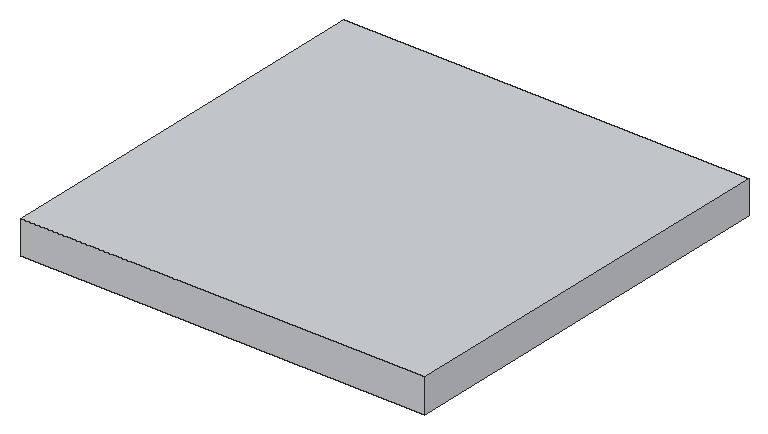
Revit family
Parameters (values of type "dBA Acoustical Ceiling Panal")
  URL = "www.acousticalsurfaces.com"
  Type Comments = "Sound Blocking, Sound Absorption and sound Difusion all in one unit"
  Model = "dBA Panel"
  Manufacturer = "Acoustical Surfaces 1800-854-2948"
  Description = "Acoustical Ceiling Panel "
Reference planes (in)
  plane 1 "Center (Front/Back)": y = 0
  plane 2 "Ceiling": z = 96
  plane 3 "Center (Left/Right)": x = 0
Forms (in)
  Extrusion 1, solid
    sketch origin (0, 0, 94) x (1, 0, 0) y (0, 1, 0)
      loop
        line (-12, 12) -> (-12, -12) -> (12, -12) -> (12, 12) -> (-12, 12)
    from 0 to 2
  Extrusion 2, void
    sketch origin (0, 0, 92.51681) x (1, 0, 0) y (0, 1, 0)
      loop
        line (-6.5, 2.5) -> (6.5, 2.5)
        arc (6.5, 2.5) -> (7, 3) -> (6.5, 3.5) r 0.5
        line (6.5, 3.5) -> (-6.5, 3.5)
        arc (-6.5, 3.5) -> (-7, 3) -> (-6.5, 2.5) r 0.5
      loop
        arc (8.5, 0.5) -> (9, 1) -> (8.5, 1.5) r 0.5
        line (8.5, 1.5) -> (-8.5, 1.5)
        arc (-8.5, 1.5) -> (-9, 1) -> (-8.5, 0.5) r 0.5
        line (-8.5, 0.5) -> (8.5, 0.5)
      loop
        line (-4.5, 4.5) -> (4.5, 4.5)
        arc (4.5, 4.5) -> (5, 5) -> (4.5, 5.5) r 0.5
        line (4.5, 5.5) -> (-4.5, 5.5)
        arc (-4.5, 5.5) -> (-5, 5) -> (-4.5, 4.5) r 0.5
      loop
        line (-2.5, 6.5) -> (2.5, 6.5)
        arc (2.5, 6.5) -> (3, 7) -> (2.5, 7.5) r 0.5
        line (2.5, 7.5) -> (-2.5, 7.5)
        arc (-2.5, 7.5) -> (-3, 7) -> (-2.5, 6.5) r 0.5
      loop
        arc (-1.3934, 9.89949) -> (-1.3934, 10.6066) -> (-2.10051, 10.6066) r 0.5
        line (-2.10051, 10.6066) -> (-10.76256, 1.94454)
        arc (-10.76256, 1.94454) -> (-10.76256, 1.23744) -> (-10.05546, 1.23744) r 0.5
        line (-10.05546, 1.23744) -> (-1.3934, 9.89949)
      loop
        arc (-4.22183, 9.89949) -> (-4.22183, 10.6066) -> (-4.92893, 10.6066) r 0.5
        line (-4.92893, 10.6066) -> (-10.76256, 4.77297)
        arc (-10.76256, 4.77297) -> (-10.76256, 4.06586) -> (-10.05546, 4.06586) r 0.5
        line (-10.05546, 4.06586) -> (-4.22183, 9.89949)
      loop
        arc (-7.05025, 9.89949) -> (-7.05025, 10.6066) -> (-7.75736, 10.6066) r 0.5
        line (-7.75736, 10.6066) -> (-10.76256, 7.6014)
        arc (-10.76256, 7.6014) -> (-10.76256, 6.89429) -> (-10.05546, 6.89429) r 0.5
        line (-10.05546, 6.89429) -> (-7.05025, 9.89949)
      loop
        arc (-9.87868, 9.89949) -> (-9.87868, 10.6066) -> (-10.58579, 10.6066) r 0.5
        line (-10.58579, 10.6066) -> (-10.76256, 10.42983)
        arc (-10.76256, 10.42983) -> (-10.76256, 9.72272) -> (-10.05546, 9.72272) r 0.5
        line (-10.05546, 9.72272) -> (-9.87868, 9.89949)
      loop
        arc (-6.5, -2.5) -> (-7, -3) -> (-6.5, -3.5) r 0.5
        line (-6.5, -3.5) -> (6.5, -3.5)
        arc (6.5, -3.5) -> (7, -3) -> (6.5, -2.5) r 0.5
        line (6.5, -2.5) -> (-6.5, -2.5)
      loop
        line (8.5, -0.5) -> (-8.5, -0.5)
        arc (-8.5, -0.5) -> (-9, -1) -> (-8.5, -1.5) r 0.5
        line (-8.5, -1.5) -> (8.5, -1.5)
        arc (8.5, -1.5) -> (9, -1) -> (8.5, -0.5) r 0.5
      loop
        arc (-4.5, -4.5) -> (-5, -5) -> (-4.5, -5.5) r 0.5
        line (-4.5, -5.5) -> (4.5, -5.5)
        arc (4.5, -5.5) -> (5, -5) -> (4.5, -4.5) r 0.5
        line (4.5, -4.5) -> (-4.5, -4.5)
      loop
        arc (-2.5, -6.5) -> (-3, -7) -> (-2.5, -7.5) r 0.5
        line (-2.5, -7.5) -> (2.5, -7.5)
        arc (2.5, -7.5) -> (3, -7) -> (2.5, -6.5) r 0.5
        line (2.5, -6.5) -> (-2.5, -6.5)
      loop
        line (-1.3934, -9.89949) -> (-10.05546, -1.23744)
        arc (-10.05546, -1.23744) -> (-10.76256, -1.23744) -> (-10.76256, -1.94454) r 0.5
        line (-10.76256, -1.94454) -> (-2.10051, -10.6066)
        arc (-2.10051, -10.6066) -> (-1.3934, -10.6066) -> (-1.3934, -9.89949) r 0.5
      loop
        line (-4.22183, -9.89949) -> (-10.05546, -4.06586)
        arc (-10.05546, -4.06586) -> (-10.76256, -4.06586) -> (-10.76256, -4.77297) r 0.5
        line (-10.76256, -4.77297) -> (-4.92893, -10.6066)
        arc (-4.92893, -10.6066) -> (-4.22183, -10.6066) -> (-4.22183, -9.89949) r 0.5
      loop
        line (-7.05025, -9.89949) -> (-10.05546, -6.89429)
        arc (-10.05546, -6.89429) -> (-10.76256, -6.89429) -> (-10.76256, -7.6014) r 0.5
        line (-10.76256, -7.6014) -> (-7.75736, -10.6066)
        arc (-7.75736, -10.6066) -> (-7.05025, -10.6066) -> (-7.05025, -9.89949) r 0.5
      loop
        line (-9.87868, -9.89949) -> (-10.05546, -9.72272)
        arc (-10.05546, -9.72272) -> (-10.76256, -9.72272) -> (-10.76256, -10.42983) r 0.5
        line (-10.76256, -10.42983) -> (-10.58579, -10.6066)
        arc (-10.58579, -10.6066) -> (-9.87868, -10.6066) -> (-9.87868, -9.89949) r 0.5
      loop
        line (1.3934, 9.89949) -> (10.05546, 1.23744)
        arc (10.05546, 1.23744) -> (10.76256, 1.23744) -> (10.76256, 1.94454) r 0.5
        line (10.76256, 1.94454) -> (2.10051, 10.6066)
        arc (2.10051, 10.6066) -> (1.3934, 10.6066) -> (1.3934, 9.89949) r 0.5
      loop
        line (4.22183, 9.89949) -> (10.05546, 4.06586)
        arc (10.05546, 4.06586) -> (10.76256, 4.06586) -> (10.76256, 4.77297) r 0.5
        line (10.76256, 4.77297) -> (4.92893, 10.6066)
        arc (4.92893, 10.6066) -> (4.22183, 10.6066) -> (4.22183, 9.89949) r 0.5
      loop
        line (7.05025, 9.89949) -> (10.05546, 6.89429)
        arc (10.05546, 6.89429) -> (10.76256, 6.89429) -> (10.76256, 7.6014) r 0.5
        line (10.76256, 7.6014) -> (7.75736, 10.6066)
        arc (7.75736, 10.6066) -> (7.05025, 10.6066) -> (7.05025, 9.89949) r 0.5
      loop
        line (9.87868, 9.89949) -> (10.05546, 9.72272)
        arc (10.05546, 9.72272) -> (10.76256, 9.72272) -> (10.76256, 10.42983) r 0.5
        line (10.76256, 10.42983) -> (10.58579, 10.6066)
        arc (10.58579, 10.6066) -> (9.87868, 10.6066) -> (9.87868, 9.89949) r 0.5
      loop
        arc (1.3934, -9.89949) -> (1.3934, -10.6066) -> (2.10051, -10.6066) r 0.5
        line (2.10051, -10.6066) -> (10.76256, -1.94454)
        arc (10.76256, -1.94454) -> (10.76256, -1.23744) -> (10.05546, -1.23744) r 0.5
        line (10.05546, -1.23744) -> (1.3934, -9.89949)
      loop
        arc (4.22183, -9.89949) -> (4.22183, -10.6066) -> (4.92893, -10.6066) r 0.5
        line (4.92893, -10.6066) -> (10.76256, -4.77297)
        arc (10.76256, -4.77297) -> (10.76256, -4.06586) -> (10.05546, -4.06586) r 0.5
        line (10.05546, -4.06586) -> (4.22183, -9.89949)
      loop
        arc (7.05025, -9.89949) -> (7.05025, -10.6066) -> (7.75736, -10.6066) r 0.5
        line (7.75736, -10.6066) -> (10.76256, -7.6014)
        arc (10.76256, -7.6014) -> (10.76256, -6.89429) -> (10.05546, -6.89429) r 0.5
        line (10.05546, -6.89429) -> (7.05025, -9.89949)
      loop
        arc (9.87868, -9.89949) -> (9.87868, -10.6066) -> (10.58579, -10.6066) r 0.5
        line (10.58579, -10.6066) -> (10.76256, -10.42983)
        arc (10.76256, -10.42983) -> (10.76256, -9.72272) -> (10.05546, -9.72272) r 0.5
        line (10.05546, -9.72272) -> (9.87868, -9.89949)
    from 1.27604 to 2.48319
Cuts and joins
  Extrusion 2 cuts Extrusion 1
Lines and regions (in)
  sketch lines
    curve 1: line (-60, 60, 0) -> (60, 60, 0)
    curve 2: line (-60, 60, 0) -> (-60, -60, 0)
    curve 3: line (-60, -60, 0) -> (60, -60, 0)
    curve 4: line (60, 60, 0) -> (60, -60, 0)
Dimensions and locks (in)
  equal spacing: curve 2, plane 3 "Center (Left/Right)", curve 4
  equal spacing: curve 3, plane 1 "Center (Front/Back)", curve 1
  curve 2 to curve 4 = 10' - 0"
  curve 3 to curve 1 = 10' - 0"
